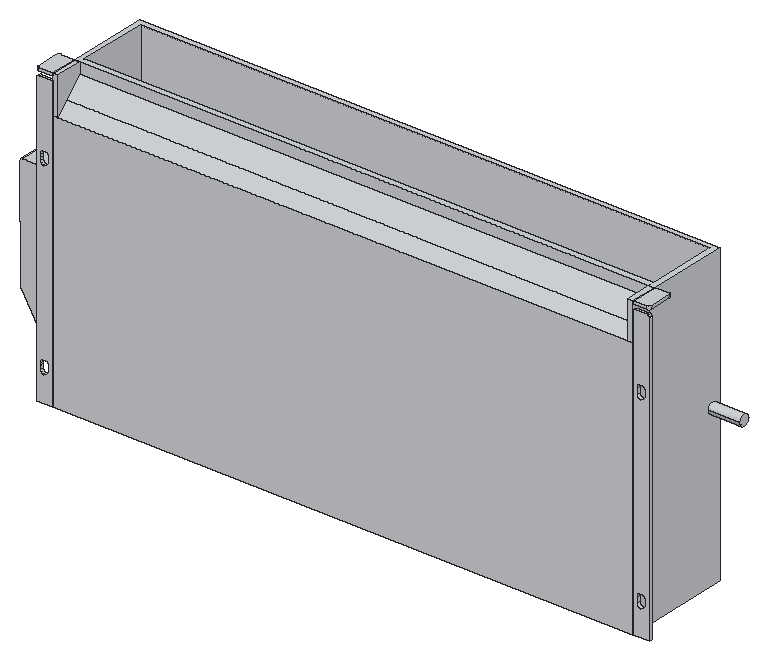
Revit family "Midea_FCU_two pipe 2th Ceiling&Floor MKH3-800R3(R4)(DC50,60Hz)-Floor", category Mechanical Equipment, Revit 2013
Parameters (values of type "MKH3-800-R4")
  clearance access up = 1500.000 mm
  clearance access right = 150.000 mm
  clearance access left = 150.000 mm
  clearance access down = 90.000 mm
  clearance access behind = 50.000 mm
  clearance [instance] = no
  Width = 591.000 mm
  Series = "FCU"
  Rated current = 0.51 A
  Power supply = "220-240V ~50Hz/60Hz"
  Power Input(H/M/L) = "118/104/82 W"
  Panel color = "-"
  Net Weight = 25.20 kg
  Model = "MKH3-800-R4"
  Manufacturer = "Midea"
  Machine material = Galvanized Steel
  Liquid pipe = 19.050 mm
  Installation = "Indoor installation"
  Height = 200.000 mm
  Heating Capacity(H/M/L) = "8.50/7.60/5.72 kW"
  Drain pipe = 18.500 mm
  Description = "High efficiency water cooled"
  Depth = 1360.000 mm
  Cooling Capacity(H/M/L) = "8.25/7.52/5.87 kW"
  Condensation = "water"
  Circuit breaker = 15 A
  Air Flow(H/M/L) = "1300/1132/836 m3/h"
Types (3, lengths in mm): name | Rated current | Power Input(H/M/L) | Net Weight | Model | Heating Capacity(H/M/L) | Cooling Capacity(H/M/L) | Air Flow(H/M/L)
  (no name) | 0.51 A | "118/104/82 W" | 25.20 kg | "MKH3-800-R4" | "8.50/7.60/5.72 kW" | "8.25/7.52/5.87 kW" | "1300/1132/836 m3/h"
  MKH3-800-R3 | 0.53 A | "123/109/83 W" | 24.00 kg | "MKH3-800-R3" | "8.05/6.46/4.71 kW" | "7.35/6.12/4.57 kW" | "1360/1015/685 m3/h"
  MKH3-800-R4 | 0.51 A | "118/104/82 W" | 25.20 kg | "MKH3-800-R4" | "8.50/7.60/5.72 kW" | "8.25/7.52/5.87 kW" | "1300/1132/836 m3/h"
Reference planes
  plane 1 "Center (Front/Back)": y = 0
  plane 2: z = 0
  plane 3 "Center (Left/Right)": x = 0
  plane 4: y = -200
  plane 5: z = 551
  plane 6: x = 599
  plane 7: x = -599
  plane 8: z = 445
  plane 9: z = 445
  plane 10: x = -546
  plane 11: z = 355
  plane 12: z = 90
Forms (mm)
  Extrusion 1, solid
    sketch origin (500, 500, 96) x (0, -1, 0) y (0, 0, -1)
      loop
        line (500, -455) -> (650, -455) -> (650, -435) -> (680, -405) -> (700, -385) -> (700, 96) -> (500, 96) -> (500, -455)
    from -1031 to 39
  Extrusion 2, void
    sketch origin (0, 0, 96) x (0, 1, 0) y (0, 0, 1)
      loop
        line (-190, -86.648) -> (-10, -86.648) -> (-10, 455) -> (-140, 455) -> (-140, 430.858) -> (-190, 380.858) -> (-190, -86.648)
    from -521.233 to 528.738
  Extrusion 3, solid
    sketch origin (0, 0, 96) x (0, 1, 0) y (0, 0, 1)
      loop
        line (-200, 385) -> (-150, 435) -> (-150, 455) -> (-200, 455) -> (-200, 385)
    from 528.738 to 539
  Extrusion 4, solid
    sketch origin (0, 0, 96) x (0, 1, 0) y (0, 0, -1)
      loop
        line (-200, -385) -> (-200, -455) -> (-150, -455) -> (-150, -435) -> (-200, -385)
    from 521.233 to 531
  Extrusion 5, solid
    sketch origin (54, 0, 0) x (1, 0, 0) y (0, 1, 0)
      loop
        arc (-610, -150) -> (-613.536, -151.464) -> (-615, -155) r 5
        line (-615, -155) -> (-615, -195)
        arc (-615, -195) -> (-613.536, -198.536) -> (-610, -200) r 5
        line (-610, -200) -> (-585, -200) -> (-585, -150) -> (-610, -150)
      loop
        line (510, -150) -> (485, -150) -> (485, -200) -> (510, -200)
        arc (510, -200) -> (513.536, -198.536) -> (515, -195) r 5
        line (515, -195) -> (515, -155)
        arc (515, -155) -> (513.536, -151.464) -> (510, -150) r 5
    from 546 to 551
  Extrusion 6, solid
    sketch origin (54, 0, 0) x (1, 0, 0) y (0, 0, 1)
      loop
        line (485, 537.75) -> (485, 0) -> (515, 0) -> (515, 532.75)
        arc (515, 532.75) -> (513.536, 536.286) -> (510, 537.75) r 5
        line (510, 537.75) -> (485, 537.75)
      loop
        line (-585, 537.75) -> (-610, 537.75)
        arc (-610, 537.75) -> (-613.536, 536.286) -> (-615, 532.75) r 5
        line (-615, 532.75) -> (-615, 0) -> (-585, 0) -> (-585, 537.75)
      loop
        line (492.5, 410) -> (492.5, 400)
        arc (492.5, 400) -> (500, 392.5) -> (507.5, 400) r 7.5
        line (507.5, 400) -> (507.5, 405) -> (507.5, 410)
        arc (507.5, 410) -> (500, 417.5) -> (492.5, 410) r 7.5
      loop
        arc (-592.5, 410) -> (-600, 417.5) -> (-607.5, 410) r 7.5
        line (-607.5, 410) -> (-607.5, 405) -> (-607.5, 400)
        arc (-607.5, 400) -> (-600, 392.5) -> (-592.5, 400) r 7.5
        line (-592.5, 400) -> (-592.5, 410)
      loop
        arc (-592.5, 65) -> (-600, 72.5) -> (-607.5, 65) r 7.5
        line (-607.5, 65) -> (-607.5, 60) -> (-607.5, 55)
        arc (-607.5, 55) -> (-600, 47.5) -> (-592.5, 55) r 7.5
        line (-592.5, 55) -> (-592.5, 65)
      loop
        line (492.5, 65) -> (492.5, 55)
        arc (492.5, 55) -> (500, 47.5) -> (507.5, 55) r 7.5
        line (507.5, 55) -> (507.5, 60) -> (507.5, 65)
        arc (507.5, 65) -> (500, 72.5) -> (492.5, 65) r 7.5
    from 195 to 200
  Extrusion 7, solid
    sketch origin (-271, 0, 0) x (1, 0, 0) y (0, 0, 1)
      loop
        line (-260, 383.565) -> (-323, 383.565)
        arc (-323, 383.565) -> (-326.536, 382.101) -> (-328, 378.565) r 5
        line (-328, 378.565) -> (-328, 176.897)
        arc (-328, 176.897) -> (-327.633, 173.45) -> (-326.332, 170.236) r 12.496
        line (-326.332, 170.236) -> (-280.877, 91.519)
        arc (-280.877, 91.519) -> (-279.983, 90.487) -> (-278.708, 90) r 2.801
        line (-278.708, 90) -> (-260, 90) -> (-260, 383.565)
    from 30 to 190
  Extrusion 8, solid
    sketch origin (500, 500, 0) x (0, -1, 0) y (0, 0, -1)
      loop
        circle (519.525, -295.408) r 9.525
    from 39 to 99
  Extrusion 9, solid
    sketch origin (-500, 500, 0) x (0, -1, 0) y (0, 0, 1)
      loop
        circle (519.525, 295.408) r 9.525
    from 31 to 99
  Extrusion 10, solid
    sketch origin (500, 498.342, 0) x (0, -1, 0) y (0, 0, -1)
      loop
        circle (517.592, -267.659) r 9.25
    from 28.738 to 39
  Extrusion 11, solid
    sketch origin (-500, 498.342, 0) x (0, -1, 0) y (0, 0, 1)
      loop
        circle (517.592, 267.659) r 9.25
    from 21.233 to 31
Cuts and joins
  Extrusion 2 cuts Extrusion 1
Dimensions and locks
  aligned and locked: level to plane 2
Nested families
  nested 1: "Midea service space" at (-749, -200, 0), visible <- "clearance", type "Midea Service  Space"
    with Width 150.000 mm, Height 551.000 mm, Depth 200.000 mm
  nested 2: "Midea service space" at (599, -200, 0), visible <- "clearance", type "Midea Service  Space"
    with Width 150.000 mm, Height 551.000 mm, Depth 200.000 mm
  nested 3: "Midea service space" at (-599, 0, 0), visible <- "clearance", type "Midea Service  Space"
    with Width 1198.000 mm, Height 551.000 mm, Depth 50.000 mm
  nested 4: "Midea service space" at (-599, -200, 551), visible <- "clearance", type "Midea Service  Space"
    with Width 1198.000 mm, Height 1500.000 mm, Depth 200.000 mm
  nested 5: "Midea service space" at (-599, -200, -90), visible <- "clearance", type "Midea Service  Space"
    with Width 1198.000 mm, Height 90.000 mm, Depth 200.000 mm
Connectors
  piping at (-599, -19.525, 295.408)
    settings: on Extrusion 9, index 1, connector radius 3/8", flow factor 0, pipe flow 0 GPM, pressure drop 0.00 psi, fitting loss kfactor 0, connector angle 0.00°, fixture units 0, engagement length 0.000 mm, flow configuration 0, flow direction 0, fitting loss method 0, system type 7, joint type 0, gender type 0, connector reference index -1, connector utility 0, adjustable connector no, is connector primary yes, fitting loss table "", connector description ""
  piping at (-531, -19.25, 267.659)
    settings: on Extrusion 11, index 2, connector radius 0.36417", flow factor 0, pipe flow 0 GPM, pressure drop 0.00 psi, fitting loss kfactor 0, connector angle 0.00°, fixture units 0, engagement length 0.000 mm, flow configuration 0, flow direction 0, fitting loss method 0, system type 7, joint type 0, gender type 0, connector reference index -1, connector utility 0, adjustable connector no, is connector primary no, fitting loss table "", connector description ""
  piping at (599, -19.525, 295.408)
    settings: on Extrusion 8, index 3, connector radius 3/8", flow factor 0, pipe flow 0 GPM, pressure drop 0.00 psi, fitting loss kfactor 0, connector angle 0.00°, fixture units 0, engagement length 0.000 mm, flow configuration 0, flow direction 0, fitting loss method 0, system type 7, joint type 0, gender type 0, connector reference index -1, connector utility 0, adjustable connector no, is connector primary no, fitting loss table "", connector description ""
  piping at (539, -19.25, 267.659)
    settings: on Extrusion 10, index 4, connector radius 0.36417", flow factor 0, pipe flow 0 GPM, pressure drop 0.00 psi, fitting loss kfactor 0, connector angle 0.00°, fixture units 0, engagement length 0.000 mm, flow configuration 0, flow direction 0, fitting loss method 0, system type 7, joint type 0, gender type 0, connector reference index -1, connector utility 0, adjustable connector no, is connector primary no, fitting loss table "", connector description ""
  electrical at (-599, -110, 277.731)
    settings: on Extrusion 7, index 5, voltage 220 V, apparent load 0 VA, apparent load phase1 0 VA, apparent load phase2 0 VA, apparent load phase3 0 VA, power factor 1, load classification "Other", number of poles 1, system type 30, power factor state 1, is connector primary yes, connector utility no, sub classification motor no, connector description ""
Definition of nested family "Midea service space"
  Parameters (values of type "Midea Service  Space")
    Width [instance] = 500.000 mm
    Height [instance] = 500.000 mm
    Depth [instance] = 500.000 mm
  Reference planes
    plane 1 "Center (Front/Back)": y = 0
    plane 2: z = 0
    plane 3 "Center (Left/Right)": x = 0
    plane 4: z = 500
    plane 5: y = 500
    plane 6: x = 500
  Forms (mm)
    Extrusion 1, solid, material "Midea Service Space-HDY"
      sketch origin (0, 0, 0) x (1, 0, 0) y (0, 1, 0)
        loop
          line (0, 500) -> (0, 0) -> (500, 0) -> (500, 500) -> (0, 500)
      from 0 to 500
  Dimensions and locks
    "Width": plane 3 "Center (Left/Right)" to plane 6
    "Depth": plane 5 to plane 1 "Center (Front/Back)"
    "Height": level to plane 4
    aligned and locked: level to plane 2
    aligned and locked: plane 5 to Extrusion 1
    aligned and locked: Extrusion 1 to plane 6
    aligned and locked: Extrusion 1 to plane 3 "Center (Left/Right)"
    aligned and locked: plane 1 "Center (Front/Back)" to Extrusion 1
    aligned and locked: Extrusion 1 to plane 4
  Automatic sketch dimensions
    Extrusion 1 sketch curve to plane 3 "Center (Left/Right)" = 0.000 mm
    plane 1 "Center (Front/Back)" to Extrusion 1 sketch curve = 0.000 mm
    Extrusion 1 sketch curve to plane 6 = 0.000 mm
    Extrusion 1 sketch curve to plane 5 = 0.000 mm
